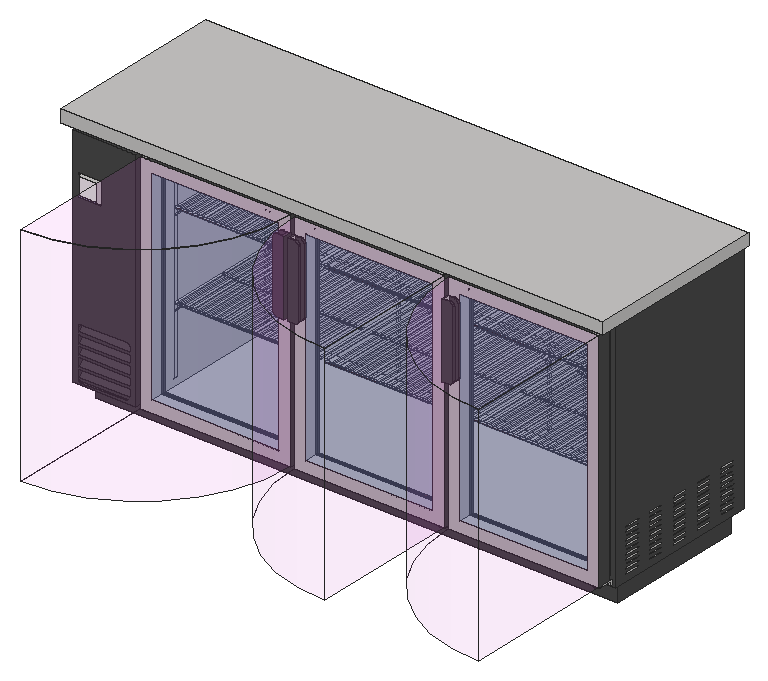
Revit family "QF_Kelvinator_738274_KCHBB72G_3-Glass_Door_Back_Bar_Refrigerator_Black_73_Long", category Specialty Equipment, Revit 2021
Family settings
  Round Connector Dimension = Use Diameter
  Part Type = Normal
  Work Plane-Based = No
  Always vertical = Yes
  Cut with Voids When Loaded = No
  Shared = No
  Room Calculation Point = No
Parameters
  Weight in Pounds = 328.489
  Watts = 300 W
  Volts = 115 V
  URL Cutsheet = ""
  Specification by User = ""
  Specification by Manufacturer = ""
  Serial Number = ""
  Seismic Rating = ""
  SMACNA No = ""
  Revision Code = ""
  Refrigerant Type = "R290"
  Phase = 1
  Number of Poles = 1
  NAFEM Spec ID Number = ""
  Model = "738274 (KCHBB72G)"
  Min Ckt Ampacity = 0 A
  Max Overcurrent Protection = 0 A
  Masterspec = ""
  Manufacturer = "Kelvinator Commercial"
  Length = 73.071"
  Item Number = "738274"
  Installed By = ""
  Identify Quantity as Lot = yes
  Height = 36.220"
  HP = "1/5"
  Furnished By = ""
  Foodservice Equipment Identifier = yes
  FL Amps = 3 A
  Electrical Remarks = ""
  Electric Connection Type = ""
  Elec Conn RI Height = 0.000"
  Elec Conn Connection Height = 0.000"
  Description = "3-Glass Door Back Bar Refrigerator Black 73\" Long"
  Depth = 24.409"
  Default Elevation = 0.000"
  Cycle = 60 Hz
  Conn Plug = "5-15P"
  Conn Conduit = yes
  CSI MasterFormat = ""
  Apparent Power = 0 VA
Reference planes (in)
  plane 1 "BACK": y = 0
  plane 2: z = 0
  plane 3 "LEFT": x = 0
  plane 4 "RIGHT": x = 73.071
  plane 5 "FRONT": y = -24.409
  plane 6 "TOP": z = 36.22
  plane 7 "Center Y": x = 36.5355
  plane 8 "Center X": y = -12.2045
Dimensions and locks (in)
  equal spacing: plane 3 "LEFT", plane 7 "Center Y", plane 4 "RIGHT"
  "Length": plane 3 "LEFT" to plane 4 "RIGHT"
  equal spacing: plane 5 "FRONT", plane 8 "Center X", plane 1 "BACK"
  "Depth": plane 5 "FRONT" to plane 1 "BACK"
  "Height": plane 6 "TOP" to level
  aligned and locked: level to plane 2
Nested families (in)
  nested 1: "KCHBB48S" at (0, 0, 0), type "KCHBB48S"
    with Show Clearance yes
Connectors (in)
  electrical at (36.53125, -0.715, 2.1875), driven by "Volts", driven by "Watts"
    settings: on nested 1, index 1, voltage 115 V, apparent load 300 VA, apparent load phase1 0 VA, apparent load phase2 0 VA, apparent load phase3 0 VA, power factor 1, load classification "Other", number of poles 1, system type 30, power factor state 1, is connector primary yes, connector utility no, sub classification motor no, connector description ""
Definition of nested family "KCHBB48S"
  Parameters (values of type "KCHBB48S")
    Weight in Pounds = 0
    URL Cutsheet = ""
    Specification by User = ""
    Specification by Manufacturer = ""
    Show Clearance [instance] = yes
    Serial Number = ""
    Seismic Rating = ""
    SMACNA No = ""
    Revision Code = ""
    NAFEM Spec ID Number = ""
    Masterspec = ""
    Length = 73.0625"
    Item Number = ""
    Installed By = ""
    Identify Quantity as Lot = yes
    Height = 36.1875"
    Furnished By = ""
    Foodservice Equipment Identifier = yes
    Depth = 24.4375"
    Default Elevation = 0.000"
    CSI MasterFormat = ""
  Reference planes (in)
    plane 1 "BACK": y = 0
    plane 2: z = 0
    plane 3 "LEFT": x = 0
    plane 4 "RIGHT": x = 73.0625
    plane 5 "FRONT": y = -24.4375
    plane 6 "TOP": z = 36.1875
    plane 7 "Center Y": x = 36.53125
    plane 8 "Center X": y = -12.21875
    plane 9: x = 72.46875
    plane 10: x = 0.59375
    plane 11: x = 71.96875
    plane 12: x = 51.76875
    plane 13: x = 30.46875
    plane 14: x = 10.26875
    plane 15: x = 9.68375
    plane 16: x = 1.18375
    plane 17: z = 2.6875
    plane 18: z = 34.5875
    plane 19: y = -40.8
    plane 20: y = -21.6
    plane 21: x = 1.34375
    plane 22: x = 71.71875
    plane 23: y = -1.34
    plane 24: y = -20.26
    plane 25: z = 33.8375
    plane 26: z = 3.4375
    plane 27: y = -22.1
    plane 28: x = 1.93375
    plane 29: x = 8.93375
    plane 30: x = 10.96025
    plane 31: x = 71.21025
    plane 32: x = 35.68125
    plane 33: x = 34.55625
    plane 34: x = 51.21875
    plane 35: x = 31.01875
  Forms (in)
    Extrusion 1, solid
      sketch origin (0.59375, -180, -2.6612) x (0, 0, -1) y (0, -1, 0)
        loop
          line (-5.3487, -180) -> (-5.3487, -158.4) -> (-37.2487, -158.4) -> (-37.2487, -180) -> (-5.3487, -180)
      from 0 to -71.875
    Extrusion 2, solid
      sketch origin (0, 0, 0) x (0, 1, 0) y (0, 0, 1)
        loop
          line (-24.4375, 36.1875) -> (-24.4375, 34.5875) -> (0, 34.5875) -> (0, 36.1875) -> (-24.4375, 36.1875)
      from 0 to 73.0625
    Extrusion 3, solid
      sketch origin (0, -1.34, 0) x (0, 0, -1) y (1, 0, 0)
        loop
          line (-2.6875, 1.34375) -> (0, 1.34375) -> (0, 71.71875) -> (-2.6875, 71.71875) -> (-2.6875, 1.34375)
      from 0 to 18.92
    Extrusion 4, solid
      sketch origin (0, -22.1, 34.5875) x (0, 0, 1) y (1, 0, 0)
        loop
          line (-0.75, 1.18375) -> (-0.75, 9.68375) -> (-31.15, 9.68375) -> (-31.15, 1.18375) -> (-0.75, 1.18375)
      from 0.5 to -1.75
    Extrusion 5, void
      sketch origin (1.93375, -180, 12.66737) x (0, 0, -1) y (0, -1, 0)
        loop
          line (8.97987, -157.025) -> (8.97987, -154.65) -> (1.85487, -154.65) -> (1.85487, -157.025) -> (2.10487, -157.025) -> (2.97987, -156.15) -> (3.22987, -156.15) -> (3.22987, -157.025) -> (3.47987, -157.025) -> (4.35487, -156.15) -> (4.60487, -156.15) -> (4.60487, -157.025) -> (4.85487, -157.025) -> (5.72987, -156.15) -> (5.97987, -156.15) -> (5.97987, -157.025) -> (6.22987, -157.025) -> (7.10487, -156.15) -> (7.35487, -156.15) -> (7.35487, -157.025) -> (7.60487, -157.025) -> (8.47987, -156.15) -> (8.72987, -156.15) -> (8.72987, -157.025) -> (8.97987, -157.025)
      from 0 to -7
    Extrusion 6, solid
      sketch origin (71.96875, -23.85, 3.4375) x (0, 0, 1) y (-1, 0, 0)
        loop
          line (7.375, 63.535) -> (7.375, 69.535)
          arc (7.375, 69.535) -> (7.22855, 69.88855) -> (6.875, 70.035) r 0.5
          line (6.875, 70.035) -> (0.75, 70.035)
          arc (0.75, 70.035) -> (0.39645, 69.88855) -> (0.25, 69.535) r 0.5
          line (0.25, 69.535) -> (0.25, 63.535)
          arc (0.25, 63.535) -> (0.39645, 63.18145) -> (0.75, 63.035) r 0.5
          line (0.75, 63.035) -> (6.875, 63.035)
          arc (6.875, 63.035) -> (7.22855, 63.18145) -> (7.375, 63.535) r 0.5
        loop
          line (7.625, 63.535) -> (7.625, 69.535)
          arc (7.625, 69.535) -> (7.40533, 70.06533) -> (6.875, 70.285) r 0.75
          line (6.875, 70.285) -> (0.75, 70.285)
          arc (0.75, 70.285) -> (0.21967, 70.06533) -> (0, 69.535) r 0.75
          line (0, 69.535) -> (0, 63.535)
          arc (0, 63.535) -> (0.21967, 63.00467) -> (0.75, 62.785) r 0.75
          line (0.75, 62.785) -> (6.875, 62.785)
          arc (6.875, 62.785) -> (7.40533, 63.00467) -> (7.625, 63.535) r 0.75
      from 0 to -0.875
    Blend 7, solid
      base sketch origin (71.96875, -23.85, 3.4375) x (0, 0, 1) y (-1, 0, 0)
        loop
          line (25.18493, 69.65025) -> (22.93493, 69.65025) -> (22.93493, 67.40025) -> (25.18493, 67.40025) -> (25.18493, 69.65025)
      top sketch origin (71.96875, -23.85, 3.4375) x (0, 0, 1) y (-1, 0, 0)
        loop
          line (25.56493, 70.03025) -> (22.55493, 70.03025) -> (22.55493, 67.02025) -> (25.56493, 67.02025) -> (25.56493, 70.03025)
      from 0.21643 to 0
    Extrusion 8, void
      sketch origin (0.59375, -180, -2.6612) x (0, 0, 1) y (0, -1, 0)
        loop
          arc (12.07129, -160.16063) -> (11.91504, -160.00438) -> (11.75879, -160.16063) r 0.15625
          line (11.75879, -160.16063) -> (11.75879, -162.09813)
          arc (11.75879, -162.09813) -> (11.91504, -162.25438) -> (12.07129, -162.09813) r 0.15625
          line (12.07129, -162.09813) -> (12.07129, -160.16063)
        loop
          arc (11.50879, -160.16063) -> (11.35254, -160.00438) -> (11.19629, -160.16063) r 0.15625
          line (11.19629, -160.16063) -> (11.19629, -162.09813)
          arc (11.19629, -162.09813) -> (11.35254, -162.25438) -> (11.50879, -162.09813) r 0.15625
          line (11.50879, -162.09813) -> (11.50879, -160.16063)
        loop
          arc (10.94629, -160.16063) -> (10.79004, -160.00438) -> (10.63379, -160.16063) r 0.15625
          line (10.63379, -160.16063) -> (10.63379, -162.09813)
          arc (10.63379, -162.09813) -> (10.79004, -162.25438) -> (10.94629, -162.09813) r 0.15625
          line (10.94629, -162.09813) -> (10.94629, -160.16063)
        loop
          arc (10.38379, -160.16063) -> (10.22754, -160.00438) -> (10.07129, -160.16063) r 0.15625
          line (10.07129, -160.16063) -> (10.07129, -162.09813)
          arc (10.07129, -162.09813) -> (10.22754, -162.25438) -> (10.38379, -162.09813) r 0.15625
          line (10.38379, -162.09813) -> (10.38379, -160.16063)
        loop
          arc (9.82129, -160.16063) -> (9.66504, -160.00438) -> (9.50879, -160.16063) r 0.15625
          line (9.50879, -160.16063) -> (9.50879, -162.09813)
          arc (9.50879, -162.09813) -> (9.66504, -162.25438) -> (9.82129, -162.09813) r 0.15625
          line (9.82129, -162.09813) -> (9.82129, -160.16063)
        loop
          arc (9.25879, -160.16063) -> (9.10254, -160.00438) -> (8.94629, -160.16063) r 0.15625
          line (8.94629, -160.16063) -> (8.94629, -162.09813)
          arc (8.94629, -162.09813) -> (9.10254, -162.25438) -> (9.25879, -162.09813) r 0.15625
          line (9.25879, -162.09813) -> (9.25879, -160.16063)
        loop
          arc (8.69629, -160.16063) -> (8.54004, -160.00438) -> (8.38379, -160.16063) r 0.15625
          line (8.38379, -160.16063) -> (8.38379, -162.09813)
          arc (8.38379, -162.09813) -> (8.54004, -162.25438) -> (8.69629, -162.09813) r 0.15625
          line (8.69629, -162.09813) -> (8.69629, -160.16063)
        loop
          arc (8.13379, -160.16063) -> (7.97754, -160.00438) -> (7.82129, -160.16063) r 0.15625
          line (7.82129, -160.16063) -> (7.82129, -162.09813)
          arc (7.82129, -162.09813) -> (7.97754, -162.25438) -> (8.13379, -162.09813) r 0.15625
          line (8.13379, -162.09813) -> (8.13379, -160.16063)
        loop
          arc (7.57129, -160.16063) -> (7.41504, -160.00438) -> (7.25879, -160.16063) r 0.15625
          line (7.25879, -160.16063) -> (7.25879, -162.09813)
          arc (7.25879, -162.09813) -> (7.41504, -162.25438) -> (7.57129, -162.09813) r 0.15625
          line (7.57129, -162.09813) -> (7.57129, -160.16063)
        loop
          arc (7.00879, -160.16063) -> (6.85254, -160.00438) -> (6.69629, -160.16063) r 0.15625
          line (6.69629, -160.16063) -> (6.69629, -162.09813)
          arc (6.69629, -162.09813) -> (6.85254, -162.25438) -> (7.00879, -162.09813) r 0.15625
          line (7.00879, -162.09813) -> (7.00879, -160.16063)
        loop
          arc (6.44629, -160.16063) -> (6.29004, -160.00438) -> (6.13379, -160.16063) r 0.15625
          line (6.13379, -160.16063) -> (6.13379, -162.09813)
          arc (6.13379, -162.09813) -> (6.29004, -162.25438) -> (6.44629, -162.09813) r 0.15625
          line (6.44629, -162.09813) -> (6.44629, -160.16063)
        loop
          arc (12.07129, -164.16063) -> (11.91504, -164.00438) -> (11.75879, -164.16063) r 0.15625
          line (11.75879, -164.16063) -> (11.75879, -166.09813)
          arc (11.75879, -166.09813) -> (11.91504, -166.25438) -> (12.07129, -166.09813) r 0.15625
          line (12.07129, -166.09813) -> (12.07129, -164.16063)
        loop
          arc (11.50879, -164.16063) -> (11.35254, -164.00438) -> (11.19629, -164.16063) r 0.15625
          line (11.19629, -164.16063) -> (11.19629, -166.09813)
          arc (11.19629, -166.09813) -> (11.35254, -166.25438) -> (11.50879, -166.09813) r 0.15625
          line (11.50879, -166.09813) -> (11.50879, -164.16063)
        loop
          arc (10.94629, -164.16063) -> (10.79004, -164.00438) -> (10.63379, -164.16063) r 0.15625
          line (10.63379, -164.16063) -> (10.63379, -166.09813)
          arc (10.63379, -166.09813) -> (10.79004, -166.25438) -> (10.94629, -166.09813) r 0.15625
          line (10.94629, -166.09813) -> (10.94629, -164.16063)
        loop
          arc (10.38379, -164.16063) -> (10.22754, -164.00438) -> (10.07129, -164.16063) r 0.15625
          line (10.07129, -164.16063) -> (10.07129, -166.09813)
          arc (10.07129, -166.09813) -> (10.22754, -166.25438) -> (10.38379, -166.09813) r 0.15625
          line (10.38379, -166.09813) -> (10.38379, -164.16063)
        loop
          arc (9.82129, -164.16063) -> (9.66504, -164.00438) -> (9.50879, -164.16063) r 0.15625
          line (9.50879, -164.16063) -> (9.50879, -166.09813)
          arc (9.50879, -166.09813) -> (9.66504, -166.25438) -> (9.82129, -166.09813) r 0.15625
          line (9.82129, -166.09813) -> (9.82129, -164.16063)
        loop
          arc (9.25879, -164.16063) -> (9.10254, -164.00438) -> (8.94629, -164.16063) r 0.15625
          line (8.94629, -164.16063) -> (8.94629, -166.09813)
          arc (8.94629, -166.09813) -> (9.10254, -166.25438) -> (9.25879, -166.09813) r 0.15625
          line (9.25879, -166.09813) -> (9.25879, -164.16063)
        loop
          arc (8.69629, -164.16063) -> (8.54004, -164.00438) -> (8.38379, -164.16063) r 0.15625
          line (8.38379, -164.16063) -> (8.38379, -166.09813)
          arc (8.38379, -166.09813) -> (8.54004, -166.25438) -> (8.69629, -166.09813) r 0.15625
          line (8.69629, -166.09813) -> (8.69629, -164.16063)
        loop
          arc (8.13379, -164.16063) -> (7.97754, -164.00438) -> (7.82129, -164.16063) r 0.15625
          line (7.82129, -164.16063) -> (7.82129, -166.09813)
          arc (7.82129, -166.09813) -> (7.97754, -166.25438) -> (8.13379, -166.09813) r 0.15625
          line (8.13379, -166.09813) -> (8.13379, -164.16063)
        loop
          arc (7.57129, -164.16063) -> (7.41504, -164.00438) -> (7.25879, -164.16063) r 0.15625
          line (7.25879, -164.16063) -> (7.25879, -166.09813)
          arc (7.25879, -166.09813) -> (7.41504, -166.25438) -> (7.57129, -166.09813) r 0.15625
          line (7.57129, -166.09813) -> (7.57129, -164.16063)
        loop
          arc (7.00879, -164.16063) -> (6.85254, -164.00438) -> (6.69629, -164.16063) r 0.15625
          line (6.69629, -164.16063) -> (6.69629, -166.09813)
          arc (6.69629, -166.09813) -> (6.85254, -166.25438) -> (7.00879, -166.09813) r 0.15625
          line (7.00879, -166.09813) -> (7.00879, -164.16063)
        loop
          arc (6.44629, -164.16063) -> (6.29004, -164.00438) -> (6.13379, -164.16063) r 0.15625
          line (6.13379, -164.16063) -> (6.13379, -166.09813)
          arc (6.13379, -166.09813) -> (6.29004, -166.25438) -> (6.44629, -166.09813) r 0.15625
          line (6.44629, -166.09813) -> (6.44629, -164.16063)
        loop
          arc (12.07129, -168.16063) -> (11.91504, -168.00438) -> (11.75879, -168.16063) r 0.15625
          line (11.75879, -168.16063) -> (11.75879, -170.09813)
          arc (11.75879, -170.09813) -> (11.91504, -170.25438) -> (12.07129, -170.09813) r 0.15625
          line (12.07129, -170.09813) -> (12.07129, -168.16063)
        loop
          arc (11.50879, -168.16063) -> (11.35254, -168.00438) -> (11.19629, -168.16063) r 0.15625
          line (11.19629, -168.16063) -> (11.19629, -170.09813)
          arc (11.19629, -170.09813) -> (11.35254, -170.25438) -> (11.50879, -170.09813) r 0.15625
          line (11.50879, -170.09813) -> (11.50879, -168.16063)
        loop
          arc (10.94629, -168.16063) -> (10.79004, -168.00438) -> (10.63379, -168.16063) r 0.15625
          line (10.63379, -168.16063) -> (10.63379, -170.09813)
          arc (10.63379, -170.09813) -> (10.79004, -170.25438) -> (10.94629, -170.09813) r 0.15625
          line (10.94629, -170.09813) -> (10.94629, -168.16063)
        loop
          arc (10.38379, -168.16063) -> (10.22754, -168.00438) -> (10.07129, -168.16063) r 0.15625
          line (10.07129, -168.16063) -> (10.07129, -170.09813)
          arc (10.07129, -170.09813) -> (10.22754, -170.25438) -> (10.38379, -170.09813) r 0.15625
          line (10.38379, -170.09813) -> (10.38379, -168.16063)
        loop
          arc (9.82129, -168.16063) -> (9.66504, -168.00438) -> (9.50879, -168.16063) r 0.15625
          line (9.50879, -168.16063) -> (9.50879, -170.09813)
          arc (9.50879, -170.09813) -> (9.66504, -170.25438) -> (9.82129, -170.09813) r 0.15625
          line (9.82129, -170.09813) -> (9.82129, -168.16063)
        loop
          arc (9.25879, -168.16063) -> (9.10254, -168.00438) -> (8.94629, -168.16063) r 0.15625
          line (8.94629, -168.16063) -> (8.94629, -170.09813)
          arc (8.94629, -170.09813) -> (9.10254, -170.25438) -> (9.25879, -170.09813) r 0.15625
          line (9.25879, -170.09813) -> (9.25879, -168.16063)
        loop
          arc (8.69629, -168.16063) -> (8.54004, -168.00438) -> (8.38379, -168.16063) r 0.15625
          line (8.38379, -168.16063) -> (8.38379, -170.09813)
          arc (8.38379, -170.09813) -> (8.54004, -170.25438) -> (8.69629, -170.09813) r 0.15625
          line (8.69629, -170.09813) -> (8.69629, -168.16063)
        loop
          arc (8.13379, -168.16063) -> (7.97754, -168.00438) -> (7.82129, -168.16063) r 0.15625
          line (7.82129, -168.16063) -> (7.82129, -170.09813)
          arc (7.82129, -170.09813) -> (7.97754, -170.25438) -> (8.13379, -170.09813) r 0.15625
          line (8.13379, -170.09813) -> (8.13379, -168.16063)
        loop
          arc (7.57129, -168.16063) -> (7.41504, -168.00438) -> (7.25879, -168.16063) r 0.15625
          line (7.25879, -168.16063) -> (7.25879, -170.09813)
          arc (7.25879, -170.09813) -> (7.41504, -170.25438) -> (7.57129, -170.09813) r 0.15625
          line (7.57129, -170.09813) -> (7.57129, -168.16063)
        loop
          arc (7.00879, -168.16063) -> (6.85254, -168.00438) -> (6.69629, -168.16063) r 0.15625
          line (6.69629, -168.16063) -> (6.69629, -170.09813)
          arc (6.69629, -170.09813) -> (6.85254, -170.25438) -> (7.00879, -170.09813) r 0.15625
          line (7.00879, -170.09813) -> (7.00879, -168.16063)
        loop
          arc (6.44629, -168.16063) -> (6.29004, -168.00438) -> (6.13379, -168.16063) r 0.15625
          line (6.13379, -168.16063) -> (6.13379, -170.09813)
          arc (6.13379, -170.09813) -> (6.29004, -170.25438) -> (6.44629, -170.09813) r 0.15625
          line (6.44629, -170.09813) -> (6.44629, -168.16063)
        loop
          arc (12.07129, -172.16063) -> (11.91504, -172.00438) -> (11.75879, -172.16063) r 0.15625
          line (11.75879, -172.16063) -> (11.75879, -174.09813)
          arc (11.75879, -174.09813) -> (11.91504, -174.25438) -> (12.07129, -174.09813) r 0.15625
          line (12.07129, -174.09813) -> (12.07129, -172.16063)
        loop
          arc (11.50879, -172.16063) -> (11.35254, -172.00438) -> (11.19629, -172.16063) r 0.15625
          line (11.19629, -172.16063) -> (11.19629, -174.09813)
          arc (11.19629, -174.09813) -> (11.35254, -174.25438) -> (11.50879, -174.09813) r 0.15625
          line (11.50879, -174.09813) -> (11.50879, -172.16063)
        loop
          arc (10.94629, -172.16063) -> (10.79004, -172.00438) -> (10.63379, -172.16063) r 0.15625
          line (10.63379, -172.16063) -> (10.63379, -174.09813)
          arc (10.63379, -174.09813) -> (10.79004, -174.25438) -> (10.94629, -174.09813) r 0.15625
          line (10.94629, -174.09813) -> (10.94629, -172.16063)
        loop
          arc (10.38379, -172.16063) -> (10.22754, -172.00438) -> (10.07129, -172.16063) r 0.15625
          line (10.07129, -172.16063) -> (10.07129, -174.09813)
          arc (10.07129, -174.09813) -> (10.22754, -174.25438) -> (10.38379, -174.09813) r 0.15625
          line (10.38379, -174.09813) -> (10.38379, -172.16063)
        loop
          arc (9.82129, -172.16063) -> (9.66504, -172.00438) -> (9.50879, -172.16063) r 0.15625
          line (9.50879, -172.16063) -> (9.50879, -174.09813)
          arc (9.50879, -174.09813) -> (9.66504, -174.25438) -> (9.82129, -174.09813) r 0.15625
          line (9.82129, -174.09813) -> (9.82129, -172.16063)
        loop
          arc (9.25879, -172.16063) -> (9.10254, -172.00438) -> (8.94629, -172.16063) r 0.15625
          line (8.94629, -172.16063) -> (8.94629, -174.09813)
          arc (8.94629, -174.09813) -> (9.10254, -174.25438) -> (9.25879, -174.09813) r 0.15625
          line (9.25879, -174.09813) -> (9.25879, -172.16063)
        loop
          arc (8.69629, -172.16063) -> (8.54004, -172.00438) -> (8.38379, -172.16063) r 0.15625
          line (8.38379, -172.16063) -> (8.38379, -174.09813)
          arc (8.38379, -174.09813) -> (8.54004, -174.25438) -> (8.69629, -174.09813) r 0.15625
          line (8.69629, -174.09813) -> (8.69629, -172.16063)
        loop
          arc (8.13379, -172.16063) -> (7.97754, -172.00438) -> (7.82129, -172.16063) r 0.15625
          line (7.82129, -172.16063) -> (7.82129, -174.09813)
          arc (7.82129, -174.09813) -> (7.97754, -174.25438) -> (8.13379, -174.09813) r 0.15625
          line (8.13379, -174.09813) -> (8.13379, -172.16063)
        loop
          arc (7.57129, -172.16063) -> (7.41504, -172.00438) -> (7.25879, -172.16063) r 0.15625
          line (7.25879, -172.16063) -> (7.25879, -174.09813)
          arc (7.25879, -174.09813) -> (7.41504, -174.25438) -> (7.57129, -174.09813) r 0.15625
          line (7.57129, -174.09813) -> (7.57129, -172.16063)
        loop
          arc (7.00879, -172.16063) -> (6.85254, -172.00438) -> (6.69629, -172.16063) r 0.15625
          line (6.69629, -172.16063) -> (6.69629, -174.09813)
          arc (6.69629, -174.09813) -> (6.85254, -174.25438) -> (7.00879, -174.09813) r 0.15625
          line (7.00879, -174.09813) -> (7.00879, -172.16063)
        loop
          arc (6.44629, -172.16063) -> (6.29004, -172.00438) -> (6.13379, -172.16063) r 0.15625
          line (6.13379, -172.16063) -> (6.13379, -174.09813)
          arc (6.13379, -174.09813) -> (6.29004, -174.25438) -> (6.44629, -174.09813) r 0.15625
          line (6.44629, -174.09813) -> (6.44629, -172.16063)
        loop
          arc (12.07129, -176.16063) -> (11.91504, -176.00438) -> (11.75879, -176.16063) r 0.15625
          line (11.75879, -176.16063) -> (11.75879, -178.09813)
          arc (11.75879, -178.09813) -> (11.91504, -178.25438) -> (12.07129, -178.09813) r 0.15625
          line (12.07129, -178.09813) -> (12.07129, -176.16063)
        loop
          arc (11.50879, -176.16063) -> (11.35254, -176.00438) -> (11.19629, -176.16063) r 0.15625
          line (11.19629, -176.16063) -> (11.19629, -178.09813)
          arc (11.19629, -178.09813) -> (11.35254, -178.25438) -> (11.50879, -178.09813) r 0.15625
          line (11.50879, -178.09813) -> (11.50879, -176.16063)
        loop
          arc (10.94629, -176.16063) -> (10.79004, -176.00438) -> (10.63379, -176.16063) r 0.15625
          line (10.63379, -176.16063) -> (10.63379, -178.09813)
          arc (10.63379, -178.09813) -> (10.79004, -178.25438) -> (10.94629, -178.09813) r 0.15625
          line (10.94629, -178.09813) -> (10.94629, -176.16063)
        loop
          arc (10.38379, -176.16063) -> (10.22754, -176.00438) -> (10.07129, -176.16063) r 0.15625
          line (10.07129, -176.16063) -> (10.07129, -178.09813)
          arc (10.07129, -178.09813) -> (10.22754, -178.25438) -> (10.38379, -178.09813) r 0.15625
          line (10.38379, -178.09813) -> (10.38379, -176.16063)
        loop
          arc (9.82129, -176.16063) -> (9.66504, -176.00438) -> (9.50879, -176.16063) r 0.15625
          line (9.50879, -176.16063) -> (9.50879, -178.09813)
          arc (9.50879, -178.09813) -> (9.66504, -178.25438) -> (9.82129, -178.09813) r 0.15625
          line (9.82129, -178.09813) -> (9.82129, -176.16063)
        loop
          arc (9.25879, -176.16063) -> (9.10254, -176.00438) -> (8.94629, -176.16063) r 0.15625
          line (8.94629, -176.16063) -> (8.94629, -178.09813)
          arc (8.94629, -178.09813) -> (9.10254, -178.25438) -> (9.25879, -178.09813) r 0.15625
          line (9.25879, -178.09813) -> (9.25879, -176.16063)
        loop
          arc (8.69629, -176.16063) -> (8.54004, -176.00438) -> (8.38379, -176.16063) r 0.15625
          line (8.38379, -176.16063) -> (8.38379, -178.09813)
          arc (8.38379, -178.09813) -> (8.54004, -178.25438) -> (8.69629, -178.09813) r 0.15625
          line (8.69629, -178.09813) -> (8.69629, -176.16063)
        loop
          arc (8.13379, -176.16063) -> (7.97754, -176.00438) -> (7.82129, -176.16063) r 0.15625
          line (7.82129, -176.16063) -> (7.82129, -178.09813)
          arc (7.82129, -178.09813) -> (7.97754, -178.25438) -> (8.13379, -178.09813) r 0.15625
          line (8.13379, -178.09813) -> (8.13379, -176.16063)
        loop
          arc (7.57129, -176.16063) -> (7.41504, -176.00438) -> (7.25879, -176.16063) r 0.15625
          line (7.25879, -176.16063) -> (7.25879, -178.09813)
          arc (7.25879, -178.09813) -> (7.41504, -178.25438) -> (7.57129, -178.09813) r 0.15625
          line (7.57129, -178.09813) -> (7.57129, -176.16063)
        loop
          arc (7.00879, -176.16063) -> (6.85254, -176.00438) -> (6.69629, -176.16063) r 0.15625
          line (6.69629, -176.16063) -> (6.69629, -178.09813)
          arc (6.69629, -178.09813) -> (6.85254, -178.25438) -> (7.00879, -178.09813) r 0.15625
          line (7.00879, -178.09813) -> (7.00879, -176.16063)
        loop
          arc (6.44629, -176.16063) -> (6.29004, -176.00438) -> (6.13379, -176.16063) r 0.15625
          line (6.13379, -176.16063) -> (6.13379, -178.09813)
          arc (6.13379, -178.09813) -> (6.29004, -178.25438) -> (6.44629, -178.09813) r 0.15625
          line (6.44629, -178.09813) -> (6.44629, -176.16063)
      from 0 to 0.03
    Extrusion 9, void
      sketch origin (72.46875, -180, -2.6612) x (0, 0, -1) y (0, -1, 0)
        loop
          line (-12.07129, -160.16063) -> (-12.07129, -162.09813)
          arc (-12.07129, -162.09813) -> (-11.91504, -162.25438) -> (-11.75879, -162.09813) r 0.15625
          line (-11.75879, -162.09813) -> (-11.75879, -160.16063)
          arc (-11.75879, -160.16063) -> (-11.91504, -160.00438) -> (-12.07129, -160.16063) r 0.15625
        loop
          line (-11.50879, -160.16063) -> (-11.50879, -162.09813)
          arc (-11.50879, -162.09813) -> (-11.35254, -162.25438) -> (-11.19629, -162.09813) r 0.15625
          line (-11.19629, -162.09813) -> (-11.19629, -160.16063)
          arc (-11.19629, -160.16063) -> (-11.35254, -160.00438) -> (-11.50879, -160.16063) r 0.15625
        loop
          line (-10.94629, -160.16063) -> (-10.94629, -162.09813)
          arc (-10.94629, -162.09813) -> (-10.79004, -162.25438) -> (-10.63379, -162.09813) r 0.15625
          line (-10.63379, -162.09813) -> (-10.63379, -160.16063)
          arc (-10.63379, -160.16063) -> (-10.79004, -160.00438) -> (-10.94629, -160.16063) r 0.15625
        loop
          line (-10.38379, -160.16063) -> (-10.38379, -162.09813)
          arc (-10.38379, -162.09813) -> (-10.22754, -162.25438) -> (-10.07129, -162.09813) r 0.15625
          line (-10.07129, -162.09813) -> (-10.07129, -160.16063)
          arc (-10.07129, -160.16063) -> (-10.22754, -160.00438) -> (-10.38379, -160.16063) r 0.15625
        loop
          line (-9.82129, -160.16063) -> (-9.82129, -162.09813)
          arc (-9.82129, -162.09813) -> (-9.66504, -162.25438) -> (-9.50879, -162.09813) r 0.15625
          line (-9.50879, -162.09813) -> (-9.50879, -160.16063)
          arc (-9.50879, -160.16063) -> (-9.66504, -160.00438) -> (-9.82129, -160.16063) r 0.15625
        loop
          line (-9.25879, -160.16063) -> (-9.25879, -162.09813)
          arc (-9.25879, -162.09813) -> (-9.10254, -162.25438) -> (-8.94629, -162.09813) r 0.15625
          line (-8.94629, -162.09813) -> (-8.94629, -160.16063)
          arc (-8.94629, -160.16063) -> (-9.10254, -160.00438) -> (-9.25879, -160.16063) r 0.15625
        loop
          line (-8.69629, -160.16063) -> (-8.69629, -162.09813)
          arc (-8.69629, -162.09813) -> (-8.54004, -162.25438) -> (-8.38379, -162.09813) r 0.15625
          line (-8.38379, -162.09813) -> (-8.38379, -160.16063)
          arc (-8.38379, -160.16063) -> (-8.54004, -160.00438) -> (-8.69629, -160.16063) r 0.15625
        loop
          line (-8.13379, -160.16063) -> (-8.13379, -162.09813)
          arc (-8.13379, -162.09813) -> (-7.97754, -162.25438) -> (-7.82129, -162.09813) r 0.15625
          line (-7.82129, -162.09813) -> (-7.82129, -160.16063)
          arc (-7.82129, -160.16063) -> (-7.97754, -160.00438) -> (-8.13379, -160.16063) r 0.15625
        loop
          line (-7.57129, -160.16063) -> (-7.57129, -162.09813)
          arc (-7.57129, -162.09813) -> (-7.41504, -162.25438) -> (-7.25879, -162.09813) r 0.15625
          line (-7.25879, -162.09813) -> (-7.25879, -160.16063)
          arc (-7.25879, -160.16063) -> (-7.41504, -160.00438) -> (-7.57129, -160.16063) r 0.15625
        loop
          line (-7.00879, -160.16063) -> (-7.00879, -162.09813)
          arc (-7.00879, -162.09813) -> (-6.85254, -162.25438) -> (-6.69629, -162.09813) r 0.15625
          line (-6.69629, -162.09813) -> (-6.69629, -160.16063)
          arc (-6.69629, -160.16063) -> (-6.85254, -160.00438) -> (-7.00879, -160.16063) r 0.15625
        loop
          line (-6.44629, -160.16063) -> (-6.44629, -162.09813)
          arc (-6.44629, -162.09813) -> (-6.29004, -162.25438) -> (-6.13379, -162.09813) r 0.15625
          line (-6.13379, -162.09813) -> (-6.13379, -160.16063)
          arc (-6.13379, -160.16063) -> (-6.29004, -160.00438) -> (-6.44629, -160.16063) r 0.15625
        loop
          line (-12.07129, -164.16063) -> (-12.07129, -166.09813)
          arc (-12.07129, -166.09813) -> (-11.91504, -166.25438) -> (-11.75879, -166.09813) r 0.15625
          line (-11.75879, -166.09813) -> (-11.75879, -164.16063)
          arc (-11.75879, -164.16063) -> (-11.91504, -164.00438) -> (-12.07129, -164.16063) r 0.15625
        loop
          line (-11.50879, -164.16063) -> (-11.50879, -166.09813)
          arc (-11.50879, -166.09813) -> (-11.35254, -166.25438) -> (-11.19629, -166.09813) r 0.15625
          line (-11.19629, -166.09813) -> (-11.19629, -164.16063)
          arc (-11.19629, -164.16063) -> (-11.35254, -164.00438) -> (-11.50879, -164.16063) r 0.15625
        loop
          line (-10.94629, -164.16063) -> (-10.94629, -166.09813)
          arc (-10.94629, -166.09813) -> (-10.79004, -166.25438) -> (-10.63379, -166.09813) r 0.15625
          line (-10.63379, -166.09813) -> (-10.63379, -164.16063)
          arc (-10.63379, -164.16063) -> (-10.79004, -164.00438) -> (-10.94629, -164.16063) r 0.15625
        loop
          line (-10.38379, -164.16063) -> (-10.38379, -166.09813)
          arc (-10.38379, -166.09813) -> (-10.22754, -166.25438) -> (-10.07129, -166.09813) r 0.15625
          line (-10.07129, -166.09813) -> (-10.07129, -164.16063)
          arc (-10.07129, -164.16063) -> (-10.22754, -164.00438) -> (-10.38379, -164.16063) r 0.15625
        loop
          line (-9.82129, -164.16063) -> (-9.82129, -166.09813)
          arc (-9.82129, -166.09813) -> (-9.66504, -166.25438) -> (-9.50879, -166.09813) r 0.15625
          line (-9.50879, -166.09813) -> (-9.50879, -164.16063)
          arc (-9.50879, -164.16063) -> (-9.66504, -164.00438) -> (-9.82129, -164.16063) r 0.15625
        loop
          line (-9.25879, -164.16063) -> (-9.25879, -166.09813)
          arc (-9.25879, -166.09813) -> (-9.10254, -166.25438) -> (-8.94629, -166.09813) r 0.15625
          line (-8.94629, -166.09813) -> (-8.94629, -164.16063)
          arc (-8.94629, -164.16063) -> (-9.10254, -164.00438) -> (-9.25879, -164.16063) r 0.15625
        loop
          line (-8.69629, -164.16063) -> (-8.69629, -166.09813)
          arc (-8.69629, -166.09813) -> (-8.54004, -166.25438) -> (-8.38379, -166.09813) r 0.15625
          line (-8.38379, -166.09813) -> (-8.38379, -164.16063)
          arc (-8.38379, -164.16063) -> (-8.54004, -164.00438) -> (-8.69629, -164.16063) r 0.15625
        loop
          line (-8.13379, -164.16063) -> (-8.13379, -166.09813)
          arc (-8.13379, -166.09813) -> (-7.97754, -166.25438) -> (-7.82129, -166.09813) r 0.15625
          line (-7.82129, -166.09813) -> (-7.82129, -164.16063)
          arc (-7.82129, -164.16063) -> (-7.97754, -164.00438) -> (-8.13379, -164.16063) r 0.15625
        loop
          line (-7.57129, -164.16063) -> (-7.57129, -166.09813)
          arc (-7.57129, -166.09813) -> (-7.41504, -166.25438) -> (-7.25879, -166.09813) r 0.15625
          line (-7.25879, -166.09813) -> (-7.25879, -164.16063)
          arc (-7.25879, -164.16063) -> (-7.41504, -164.00438) -> (-7.57129, -164.16063) r 0.15625
        loop
          line (-7.00879, -164.16063) -> (-7.00879, -166.09813)
          arc (-7.00879, -166.09813) -> (-6.85254, -166.25438) -> (-6.69629, -166.09813) r 0.15625
          line (-6.69629, -166.09813) -> (-6.69629, -164.16063)
          arc (-6.69629, -164.16063) -> (-6.85254, -164.00438) -> (-7.00879, -164.16063) r 0.15625
        loop
          line (-6.44629, -164.16063) -> (-6.44629, -166.09813)
          arc (-6.44629, -166.09813) -> (-6.29004, -166.25438) -> (-6.13379, -166.09813) r 0.15625
          line (-6.13379, -166.09813) -> (-6.13379, -164.16063)
          arc (-6.13379, -164.16063) -> (-6.29004, -164.00438) -> (-6.44629, -164.16063) r 0.15625
        loop
          line (-12.07129, -168.16063) -> (-12.07129, -170.09813)
          arc (-12.07129, -170.09813) -> (-11.91504, -170.25438) -> (-11.75879, -170.09813) r 0.15625
          line (-11.75879, -170.09813) -> (-11.75879, -168.16063)
          arc (-11.75879, -168.16063) -> (-11.91504, -168.00438) -> (-12.07129, -168.16063) r 0.15625
        loop
          line (-11.50879, -168.16063) -> (-11.50879, -170.09813)
          arc (-11.50879, -170.09813) -> (-11.35254, -170.25438) -> (-11.19629, -170.09813) r 0.15625
          line (-11.19629, -170.09813) -> (-11.19629, -168.16063)
          arc (-11.19629, -168.16063) -> (-11.35254, -168.00438) -> (-11.50879, -168.16063) r 0.15625
        loop
          line (-10.94629, -168.16063) -> (-10.94629, -170.09813)
          arc (-10.94629, -170.09813) -> (-10.79004, -170.25438) -> (-10.63379, -170.09813) r 0.15625
          line (-10.63379, -170.09813) -> (-10.63379, -168.16063)
          arc (-10.63379, -168.16063) -> (-10.79004, -168.00438) -> (-10.94629, -168.16063) r 0.15625
        loop
          line (-10.38379, -168.16063) -> (-10.38379, -170.09813)
          arc (-10.38379, -170.09813) -> (-10.22754, -170.25438) -> (-10.07129, -170.09813) r 0.15625
          line (-10.07129, -170.09813) -> (-10.07129, -168.16063)
          arc (-10.07129, -168.16063) -> (-10.22754, -168.00438) -> (-10.38379, -168.16063) r 0.15625
        loop
          line (-9.82129, -168.16063) -> (-9.82129, -170.09813)
          arc (-9.82129, -170.09813) -> (-9.66504, -170.25438) -> (-9.50879, -170.09813) r 0.15625
          line (-9.50879, -170.09813) -> (-9.50879, -168.16063)
          arc (-9.50879, -168.16063) -> (-9.66504, -168.00438) -> (-9.82129, -168.16063) r 0.15625
        loop
          line (-9.25879, -168.16063) -> (-9.25879, -170.09813)
          arc (-9.25879, -170.09813) -> (-9.10254, -170.25438) -> (-8.94629, -170.09813) r 0.15625
          line (-8.94629, -170.09813) -> (-8.94629, -168.16063)
          arc (-8.94629, -168.16063) -> (-9.10254, -168.00438) -> (-9.25879, -168.16063) r 0.15625
        loop
          line (-8.69629, -168.16063) -> (-8.69629, -170.09813)
          arc (-8.69629, -170.09813) -> (-8.54004, -170.25438) -> (-8.38379, -170.09813) r 0.15625
          line (-8.38379, -170.09813) -> (-8.38379, -168.16063)
          arc (-8.38379, -168.16063) -> (-8.54004, -168.00438) -> (-8.69629, -168.16063) r 0.15625
        loop
          line (-8.13379, -168.16063) -> (-8.13379, -170.09813)
          arc (-8.13379, -170.09813) -> (-7.97754, -170.25438) -> (-7.82129, -170.09813) r 0.15625
          line (-7.82129, -170.09813) -> (-7.82129, -168.16063)
          arc (-7.82129, -168.16063) -> (-7.97754, -168.00438) -> (-8.13379, -168.16063) r 0.15625
        loop
          line (-7.57129, -168.16063) -> (-7.57129, -170.09813)
          arc (-7.57129, -170.09813) -> (-7.41504, -170.25438) -> (-7.25879, -170.09813) r 0.15625
          line (-7.25879, -170.09813) -> (-7.25879, -168.16063)
          arc (-7.25879, -168.16063) -> (-7.41504, -168.00438) -> (-7.57129, -168.16063) r 0.15625
        loop
          line (-7.00879, -168.16063) -> (-7.00879, -170.09813)
          arc (-7.00879, -170.09813) -> (-6.85254, -170.25438) -> (-6.69629, -170.09813) r 0.15625
          line (-6.69629, -170.09813) -> (-6.69629, -168.16063)
          arc (-6.69629, -168.16063) -> (-6.85254, -168.00438) -> (-7.00879, -168.16063) r 0.15625
        loop
          line (-6.44629, -168.16063) -> (-6.44629, -170.09813)
          arc (-6.44629, -170.09813) -> (-6.29004, -170.25438) -> (-6.13379, -170.09813) r 0.15625
          line (-6.13379, -170.09813) -> (-6.13379, -168.16063)
          arc (-6.13379, -168.16063) -> (-6.29004, -168.00438) -> (-6.44629, -168.16063) r 0.15625
        loop
          line (-12.07129, -172.16063) -> (-12.07129, -174.09813)
          arc (-12.07129, -174.09813) -> (-11.91504, -174.25438) -> (-11.75879, -174.09813) r 0.15625
          line (-11.75879, -174.09813) -> (-11.75879, -172.16063)
          arc (-11.75879, -172.16063) -> (-11.91504, -172.00438) -> (-12.07129, -172.16063) r 0.15625
        loop
          line (-11.50879, -172.16063) -> (-11.50879, -174.09813)
          arc (-11.50879, -174.09813) -> (-11.35254, -174.25438) -> (-11.19629, -174.09813) r 0.15625
          line (-11.19629, -174.09813) -> (-11.19629, -172.16063)
          arc (-11.19629, -172.16063) -> (-11.35254, -172.00438) -> (-11.50879, -172.16063) r 0.15625
        loop
          line (-10.94629, -172.16063) -> (-10.94629, -174.09813)
          arc (-10.94629, -174.09813) -> (-10.79004, -174.25438) -> (-10.63379, -174.09813) r 0.15625
          line (-10.63379, -174.09813) -> (-10.63379, -172.16063)
          arc (-10.63379, -172.16063) -> (-10.79004, -172.00438) -> (-10.94629, -172.16063) r 0.15625
        loop
          line (-10.38379, -172.16063) -> (-10.38379, -174.09813)
          arc (-10.38379, -174.09813) -> (-10.22754, -174.25438) -> (-10.07129, -174.09813) r 0.15625
          line (-10.07129, -174.09813) -> (-10.07129, -172.16063)
          arc (-10.07129, -172.16063) -> (-10.22754, -172.00438) -> (-10.38379, -172.16063) r 0.15625
        loop
          line (-9.82129, -172.16063) -> (-9.82129, -174.09813)
          arc (-9.82129, -174.09813) -> (-9.66504, -174.25438) -> (-9.50879, -174.09813) r 0.15625
          line (-9.50879, -174.09813) -> (-9.50879, -172.16063)
          arc (-9.50879, -172.16063) -> (-9.66504, -172.00438) -> (-9.82129, -172.16063) r 0.15625
        loop
          line (-9.25879, -172.16063) -> (-9.25879, -174.09813)
          arc (-9.25879, -174.09813) -> (-9.10254, -174.25438) -> (-8.94629, -174.09813) r 0.15625
          line (-8.94629, -174.09813) -> (-8.94629, -172.16063)
          arc (-8.94629, -172.16063) -> (-9.10254, -172.00438) -> (-9.25879, -172.16063) r 0.15625
        loop
          line (-8.69629, -172.16063) -> (-8.69629, -174.09813)
          arc (-8.69629, -174.09813) -> (-8.54004, -174.25438) -> (-8.38379, -174.09813) r 0.15625
          line (-8.38379, -174.09813) -> (-8.38379, -172.16063)
          arc (-8.38379, -172.16063) -> (-8.54004, -172.00438) -> (-8.69629, -172.16063) r 0.15625
        loop
          line (-8.13379, -172.16063) -> (-8.13379, -174.09813)
          arc (-8.13379, -174.09813) -> (-7.97754, -174.25438) -> (-7.82129, -174.09813) r 0.15625
          line (-7.82129, -174.09813) -> (-7.82129, -172.16063)
          arc (-7.82129, -172.16063) -> (-7.97754, -172.00438) -> (-8.13379, -172.16063) r 0.15625
        loop
          line (-7.57129, -172.16063) -> (-7.57129, -174.09813)
          arc (-7.57129, -174.09813) -> (-7.41504, -174.25438) -> (-7.25879, -174.09813) r 0.15625
          line (-7.25879, -174.09813) -> (-7.25879, -172.16063)
          arc (-7.25879, -172.16063) -> (-7.41504, -172.00438) -> (-7.57129, -172.16063) r 0.15625
        loop
          line (-7.00879, -172.16063) -> (-7.00879, -174.09813)
          arc (-7.00879, -174.09813) -> (-6.85254, -174.25438) -> (-6.69629, -174.09813) r 0.15625
          line (-6.69629, -174.09813) -> (-6.69629, -172.16063)
          arc (-6.69629, -172.16063) -> (-6.85254, -172.00438) -> (-7.00879, -172.16063) r 0.15625
        loop
          line (-6.44629, -172.16063) -> (-6.44629, -174.09813)
          arc (-6.44629, -174.09813) -> (-6.29004, -174.25438) -> (-6.13379, -174.09813) r 0.15625
          line (-6.13379, -174.09813) -> (-6.13379, -172.16063)
          arc (-6.13379, -172.16063) -> (-6.29004, -172.00438) -> (-6.44629, -172.16063) r 0.15625
        loop
          line (-12.07129, -176.16063) -> (-12.07129, -178.09813)
          arc (-12.07129, -178.09813) -> (-11.91504, -178.25438) -> (-11.75879, -178.09813) r 0.15625
          line (-11.75879, -178.09813) -> (-11.75879, -176.16063)
          arc (-11.75879, -176.16063) -> (-11.91504, -176.00438) -> (-12.07129, -176.16063) r 0.15625
        loop
          line (-11.50879, -176.16063) -> (-11.50879, -178.09813)
          arc (-11.50879, -178.09813) -> (-11.35254, -178.25438) -> (-11.19629, -178.09813) r 0.15625
          line (-11.19629, -178.09813) -> (-11.19629, -176.16063)
          arc (-11.19629, -176.16063) -> (-11.35254, -176.00438) -> (-11.50879, -176.16063) r 0.15625
        loop
          line (-10.94629, -176.16063) -> (-10.94629, -178.09813)
          arc (-10.94629, -178.09813) -> (-10.79004, -178.25438) -> (-10.63379, -178.09813) r 0.15625
          line (-10.63379, -178.09813) -> (-10.63379, -176.16063)
          arc (-10.63379, -176.16063) -> (-10.79004, -176.00438) -> (-10.94629, -176.16063) r 0.15625
        loop
          line (-10.38379, -176.16063) -> (-10.38379, -178.09813)
          arc (-10.38379, -178.09813) -> (-10.22754, -178.25438) -> (-10.07129, -178.09813) r 0.15625
          line (-10.07129, -178.09813) -> (-10.07129, -176.16063)
          arc (-10.07129, -176.16063) -> (-10.22754, -176.00438) -> (-10.38379, -176.16063) r 0.15625
        loop
          line (-9.82129, -176.16063) -> (-9.82129, -178.09813)
          arc (-9.82129, -178.09813) -> (-9.66504, -178.25438) -> (-9.50879, -178.09813) r 0.15625
          line (-9.50879, -178.09813) -> (-9.50879, -176.16063)
          arc (-9.50879, -176.16063) -> (-9.66504, -176.00438) -> (-9.82129, -176.16063) r 0.15625
        loop
          line (-9.25879, -176.16063) -> (-9.25879, -178.09813)
          arc (-9.25879, -178.09813) -> (-9.10254, -178.25438) -> (-8.94629, -178.09813) r 0.15625
          line (-8.94629, -178.09813) -> (-8.94629, -176.16063)
          arc (-8.94629, -176.16063) -> (-9.10254, -176.00438) -> (-9.25879, -176.16063) r 0.15625
        loop
          line (-8.69629, -176.16063) -> (-8.69629, -178.09813)
          arc (-8.69629, -178.09813) -> (-8.54004, -178.25438) -> (-8.38379, -178.09813) r 0.15625
          line (-8.38379, -178.09813) -> (-8.38379, -176.16063)
          arc (-8.38379, -176.16063) -> (-8.54004, -176.00438) -> (-8.69629, -176.16063) r 0.15625
        loop
          line (-8.13379, -176.16063) -> (-8.13379, -178.09813)
          arc (-8.13379, -178.09813) -> (-7.97754, -178.25438) -> (-7.82129, -178.09813) r 0.15625
          line (-7.82129, -178.09813) -> (-7.82129, -176.16063)
          arc (-7.82129, -176.16063) -> (-7.97754, -176.00438) -> (-8.13379, -176.16063) r 0.15625
        loop
          line (-7.57129, -176.16063) -> (-7.57129, -178.09813)
          arc (-7.57129, -178.09813) -> (-7.41504, -178.25438) -> (-7.25879, -178.09813) r 0.15625
          line (-7.25879, -178.09813) -> (-7.25879, -176.16063)
          arc (-7.25879, -176.16063) -> (-7.41504, -176.00438) -> (-7.57129, -176.16063) r 0.15625
        loop
          line (-7.00879, -176.16063) -> (-7.00879, -178.09813)
          arc (-7.00879, -178.09813) -> (-6.85254, -178.25438) -> (-6.69629, -178.09813) r 0.15625
          line (-6.69629, -178.09813) -> (-6.69629, -176.16063)
          arc (-6.69629, -176.16063) -> (-6.85254, -176.00438) -> (-7.00879, -176.16063) r 0.15625
        loop
          line (-6.44629, -176.16063) -> (-6.44629, -178.09813)
          arc (-6.44629, -178.09813) -> (-6.29004, -178.25438) -> (-6.13379, -178.09813) r 0.15625
          line (-6.13379, -178.09813) -> (-6.13379, -176.16063)
          arc (-6.13379, -176.16063) -> (-6.29004, -176.00438) -> (-6.44629, -176.16063) r 0.15625
      from 0 to 0.03
    Extrusion 10, void
      sketch origin (10.96025, -180, 33.14145) x (0, 0, 1) y (0, -1, 0)
        loop
          line (-0.05395, -158.4) -> (-28.99145, -158.4) -> (-28.99145, -176.9) -> (-0.05395, -176.9) -> (-0.05395, -158.4)
      from 0 to 60.25
    Extrusion 11, solid
      sketch origin (-21.80625, -21.6, 2.6875) x (0, 0, 1) y (-1, 0, 0)
        loop
          line (31.9, -51.9625) -> (0.75, -51.9625) -> (0.75, -53.1375) -> (31.9, -53.1375) -> (31.9, -51.9625)
      from 0 to -0.38658
    Extrusion 12, solid
      sketch origin (-1.05625, -21.6, 2.6875) x (0, 0, 1) y (-1, 0, 0)
        loop
          line (31.9, -51.9625) -> (0.75, -51.9625) -> (0.75, -53.1375) -> (31.9, -53.1375) -> (31.9, -51.9625)
      from 0 to -0.38658
    Extrusion 13, solid
      sketch origin (0.59375, 0, 2.6875) x (-1, 0, 0) y (0, 1, 0)
        loop
          circle (-35.9375, -0.715) r 0.25
      from 0 to 0.5
  Cuts and joins
    Extrusion 5, Extrusion 10 cuts Extrusion 4
    Extrusion 10 cuts Extrusion 6
    joined: Extrusion 4, Extrusion 6
    Extrusion 8, Extrusion 9, Extrusion 10 cuts Extrusion 1
    joined: Extrusion 1, Extrusion 11, Extrusion 12
  Lines and regions (in)
    Split face 1
      outline origin (3.4435, -24.06643, 28.62243) x (1, 0, 0) y (0, 0.49491, 0.868944)
        loop
          line (-1.21875, 0.43731) -> (-0.97039, 0.18895) -> (0.97039, 0.18895) -> (1.21875, 0.43731)
    Split face 2
      outline origin (2.3185, -24.06643, 27.49743) x (0, 0, 1) y (-0.868944, 0.49491, 0)
        loop
          line (1.18615, 0.43731) -> (0.93617, 0.18733) -> (-0.93617, 0.18733) -> (-1.18615, 0.43731)
    Split face 3
      outline origin (4.5685, -24.06643, 27.49743) x (0, 0, -1) y (0.868944, 0.49491, 0)
        loop
          line (-1.19007, 0.43731) -> (-0.98384, 0.15014) -> (0.98384, 0.15014) -> (1.19007, 0.43731)
    Split face 4
      outline origin (3.4435, -24.06643, 26.37243) x (-1, 0, 0) y (0, 0.49491, -0.868944)
        loop
          line (1.22528, 0.43731) -> (0.97787, 0.1899) -> (-0.97787, 0.1899) -> (-1.22528, 0.43731)
    Split face 5
      outline origin (71.96875, -24.06643, 3.4375) x (0, 0, 1) y (-1, 0, 0)
        loop
          line (24.38945, 69.65025) -> (24.38945, 67.40025)
    Split face 6
      outline origin (71.96875, -24.06643, 3.4375) x (0, 0, 1) y (-1, 0, 0)
        loop
          line (24.25741, 68.81122) -> (23.12376, 68.81122) -> (23.12376, 68.18607) -> (24.25741, 68.18607) -> (24.25741, 68.81122)
    Split face 7
      outline origin (71.96875, -24.06643, 3.4375) x (0, 0, 1) y (-1, 0, 0)
        loop
          line (24.19741, 68.24607) -> (24.19741, 68.75122) -> (23.18376, 68.75122) -> (23.18376, 68.24607) -> (24.19741, 68.24607)
    symbolic lines
      curve 1: line (73.0625, 0, 0) -> (0, 0, 0)
      curve 2: line (0, 0, 0) -> (0, -24.4375, 0)
      curve 3: line (0, -24.4375, 0) -> (73.0625, -24.4375, 0)
      curve 4: line (73.0625, -24.4375, 0) -> (73.0625, 0, 0)
  Dimensions and locks (in)
    equal spacing: plane 3 "LEFT", plane 7 "Center Y", plane 4 "RIGHT"
    "Length": plane 3 "LEFT" to plane 4 "RIGHT"
    equal spacing: plane 5 "FRONT", plane 8 "Center X", plane 1 "BACK"
    "Depth": plane 5 "FRONT" to plane 1 "BACK"
    "Height": plane 6 "TOP" to level
    plane 10 to plane 9 = 71.875"
    plane 4 "RIGHT" to plane 3 "LEFT" = 73.0625"
    plane 6 "TOP" to plane 17 = 33.500"
    plane 19 to plane 1 "BACK" = 40.800"
    plane 5 "FRONT" to plane 1 "BACK" = 24.4375"
    plane 20 to plane 1 "BACK" = 21.600"
    plane 12 to plane 11 = 20.200"
    plane 14 to plane 13 = 20.200"
    locked: plane 3 "LEFT" to plane 30 at 10.96025
    plane 16 to plane 15 = 8.500"
    locked: plane 3 "LEFT" to plane 16 at 1.18375
    locked: plane 9 to plane 4 "RIGHT" at 0.59375
    locked: plane 11 to plane 4 "RIGHT" at 1.09375
    locked: plane 4 "RIGHT" to plane 22 at 1.34375
    locked: plane 15 to plane 30 at 1.2765
    locked: plane 31 to plane 4 "RIGHT" at 1.85225
    plane 34 to plane 35 = 20.200"
    aligned and locked: level to plane 2
    aligned and locked: Extrusion 2 to plane 4 "RIGHT"
    aligned and locked: cut or joined group of Extrusion 1, Extrusion 8, Extrusion 9, Extrusion 10, Extrusion 11, Extrusion 12 to plane 9
    aligned and locked: nested 2 to plane 11
    aligned and locked: plane 22 to Extrusion 3
    aligned and locked: cut or joined group of Extrusion 1, Extrusion 8, Extrusion 9, Extrusion 10, Extrusion 11, Extrusion 12 to plane 31
  Automatic sketch dimensions
    plane 1 "BACK" to curve 1 = 0.000"
    curve 1 to plane 3 "LEFT" = 0.000"
    curve 3 to plane 4 "RIGHT" = 0.000"
    plane 5 "FRONT" to curve 3 = 0.000"
    Extrusion 1 sketch curve to plane 1 "BACK" = 0.000"
    plane 18 to Extrusion 1 sketch curve = 0.000"
    plane 17 to Extrusion 1 sketch curve = 0.000"
    Extrusion 1 sketch curve to plane 20 = 0.000"
    Extrusion 2 sketch curve to plane 5 "FRONT" = 0.000"
    Extrusion 2 sketch curve to plane 1 "BACK" = 0.000"
    plane 18 to Extrusion 2 sketch curve = 0.000"
    Extrusion 2 sketch curve to plane 6 "TOP" = 0.000"
    Extrusion 3 sketch curve to plane 17 = 0.000"
    Extrusion 3 sketch curve to level = 0.000"
    plane 21 to Extrusion 3 sketch curve = 0.000"
    Extrusion 3 sketch curve to plane 22 = 0.000"
    plane 16 to Extrusion 4 sketch curve = 0.000"
    Extrusion 4 sketch curve to plane 26 = 0.000"
    Extrusion 4 sketch curve to plane 25 = 0.000"
    plane 15 to Extrusion 4 sketch curve = 0.000"
    plane 5 "FRONT" to Extrusion 5 sketch curve = 0.9125"
    Extrusion 5 sketch curve to plane 26 = 7.375"
    Extrusion 5 sketch curve to plane 27 = 0.875"  (x6)
    Extrusion 5 sketch curve to Extrusion 5 sketch curve = 0.250"  (x10)
    Extrusion 5 sketch curve to plane 5 "FRONT" = 0.5875"  (x5)
    Extrusion 5 sketch curve to Extrusion 5 sketch curve = 0.875"
    Extrusion 5 sketch curve to Extrusion 5 sketch curve = 1.125"  (x3)
    Extrusion 5 sketch curve to plane 26 = 0.750"
    Extrusion 5 sketch curve to plane 26 = 0.250"
    Extrusion 6 sketch curve to Extrusion 6 sketch curve = 0.000"  (x8)
    Extrusion 6 sketch curve to plane 26 = 0.000"
    plane 29 to Extrusion 6 sketch curve = 0.000"
    Extrusion 6 sketch curve to plane 28 = 0.000"
    Extrusion 6 sketch curve to plane 26 = 0.250"
    Extrusion 6 sketch curve to Extrusion 6 sketch curve = 0.500"  (x3)
    plane 29 to Extrusion 6 sketch curve = 0.500"
    Extrusion 6 sketch curve to Extrusion 6 sketch curve = 6.125"
    plane 28 to Blend 7 sketch curve = 0.38475"
    plane 25 to Blend 7 sketch curve = 7.46507"
    Blend 7 sketch curve to Blend 7 sketch curve = 2.250"  (x2)
    plane 28 to Blend 7 sketch curve = 0.00475"
    plane 25 to Blend 7 sketch curve = 7.84507"
    Blend 7 sketch curve to Blend 7 sketch curve = 3.010"  (x2)
    Extrusion 1 to Extrusion 8 sketch curve = 0.78509"  (x5)
    Extrusion 8 sketch curve to Extrusion 8 sketch curve = 0.15625"  (x55)
    Extrusion 8 sketch curve to Extrusion 8 sketch curve = 0.250"  (x50)
    Extrusion 1 to Extrusion 8 sketch curve = 1.90187"  (x2)
    Extrusion 8 sketch curve to Extrusion 8 sketch curve = 0.000"  (x94)
    Extrusion 8 sketch curve to Extrusion 8 sketch curve = 1.9375"  (x4)
    Extrusion 8 sketch curve to Extrusion 8 sketch curve = 2.0625"  (x9)
    Extrusion 1 to Extrusion 8 sketch curve = 1.76063"
    Extrusion 1 to Extrusion 9 sketch curve = 1.76063"  (x2)
    Extrusion 1 to Extrusion 9 sketch curve = 6.72259"  (x2)
    Extrusion 9 sketch curve to Extrusion 9 sketch curve = 0.000"  (x93)
    Extrusion 9 sketch curve to Extrusion 9 sketch curve = 0.15625"  (x55)
    Extrusion 9 sketch curve to Extrusion 9 sketch curve = 0.250"  (x50)
    Extrusion 9 sketch curve to Extrusion 9 sketch curve = 1.9375"  (x7)
    Extrusion 9 sketch curve to Extrusion 9 sketch curve = 2.0625"  (x9)
    Extrusion 1 to Extrusion 9 sketch curve = 1.90187"  (x2)
    Blend 7 to Split face 1 sketch curve = 0.000"  (x2)
    Blend 7 to Split face 1 sketch curve = 0.18895"
    Split face 1 sketch curve to Blend 7 = 0.24064"
    Split face 1 sketch curve to Split face 1 sketch curve = 1.94078"
    Split face 1 sketch curve to Split face 1 sketch curve = 0.24836"  (x2)
    Split face 2 sketch curve to Blend 7 = 0.000"  (x2)
    Blend 7 to Split face 2 sketch curve = 0.18733"
    Split face 2 sketch curve to Blend 7 = 0.26541"
    Split face 2 sketch curve to Split face 2 sketch curve = 1.87234"
    Split face 2 sketch curve to Split face 2 sketch curve = 0.24998"  (x2)
    Split face 3 sketch curve to Blend 7 = 0.000"  (x2)
    Blend 7 to Split face 3 sketch curve = 0.15014"
    Blend 7 to Split face 3 sketch curve = 0.20503"
    Split face 3 sketch curve to Split face 3 sketch curve = 1.96768"
    Split face 3 sketch curve to Split face 3 sketch curve = 0.20622"  (x2)
    Split face 4 sketch curve to Blend 7 = 0.000"  (x2)
    Blend 7 to Split face 4 sketch curve = 0.1899"
    Split face 4 sketch curve to Blend 7 = 0.23562"
    Split face 4 sketch curve to Split face 4 sketch curve = 1.95574"
    Split face 4 sketch curve to Split face 4 sketch curve = 0.24741"  (x2)
    Split face 5 sketch curve to Blend 7 = 0.000"
    Blend 7 to Split face 5 sketch curve = 0.000"
    Split face 5 sketch curve to Blend 7 = 0.79548"
    Split face 6 sketch curve to Blend 7 = 0.18883"
    Split face 6 sketch curve to Blend 7 = 0.92752"
    Split face 6 sketch curve to Blend 7 = 0.78582"
    Split face 6 sketch curve to Split face 6 sketch curve = 0.62515"
    Split face 7 sketch curve to Blend 7 = 0.24883"
    Split face 7 sketch curve to Blend 7 = 0.98752"
    Split face 7 sketch curve to Blend 7 = 0.84582"
    Split face 7 sketch curve to Split face 7 sketch curve = 0.50515"
    Extrusion 10 sketch curve to plane 20 = 0.000"
    Extrusion 10 sketch curve to plane 26 = 0.7125"
    plane 25 to Extrusion 10 sketch curve = 0.750"
    plane 23 to Extrusion 10 sketch curve = 1.760"
    Extrusion 11 sketch curve to Extrusion 1 = 0.000"
    Extrusion 1 to Extrusion 11 sketch curve = 0.750"
    Extrusion 1 to Extrusion 11 sketch curve = 30.7375"
    Extrusion 11 sketch curve to Extrusion 11 sketch curve = 1.175"
    Extrusion 12 sketch curve to Extrusion 1 = 0.000"
    Extrusion 1 to Extrusion 12 sketch curve = 0.750"
    Extrusion 1 to Extrusion 12 sketch curve = 20.3875"
    Extrusion 12 sketch curve to Extrusion 12 sketch curve = 1.175"
    Extrusion 1 to Extrusion 13 sketch curve = 0.715"
    Extrusion 13 sketch curve to Extrusion 1 = 35.9375"
    radius of Extrusion 13 sketch curve = 0.250"
  Nested families (in)
    nested 1: "Family1" at (10.26875, -22.1, 3.4375), Show Clearance <- "Show Clearance", type "Family1"
    nested 2: "Family1" at (71.96875, -22.1, 3.4375) x (-1, 0, 0) z (0, 0, 1), Show Clearance <- "Show Clearance", type "Family1"
    nested 3: "Family2" at (10.96025, -3.1, 5.125), type "Family2"
    nested 4: "Family1" at (51.21875, -22.1, 3.4375) x (-1, 0, 0) z (0, 0, 1), Show Clearance <- "Show Clearance", type "Family1"
  Definition of nested family "Family1"
    Parameters (values of type "Family1")
      Weight in Pounds = 0
      URL Cutsheet = ""
      Specification by User = ""
      Specification by Manufacturer = ""
      Show Clearance [instance] = yes
      Serial Number = ""
      Seismic Rating = ""
      SMACNA No = ""
      Revision Code = ""
      NAFEM Spec ID Number = ""
      Masterspec = ""
      Length = 20.200"
      Item Number = ""
      Installed By = ""
      Identify Quantity as Lot = yes
      Height = 30.400"
      Furnished By = ""
      Foodservice Equipment Identifier = yes
      Depth = 1.750"
      Default Elevation = 0.000"
      CSI MasterFormat = ""
    Reference planes (in)
      plane 1 "BACK": y = 0
      plane 2: z = 0
      plane 3 "LEFT": x = 0
      plane 4 "RIGHT": x = 20.2
      plane 5 "FRONT": y = -1.75
      plane 6 "TOP": z = 30.4
      plane 7 "Center Y": x = 10.1
      plane 8 "Center X": y = -0.875
      plane 9: y = 0.5
      plane 10: z = 31.15
      plane 11: z = -0.75
      plane 12: x = 0.3125
      plane 13: x = 19.8875
      plane 14: x = 18.7
      plane 15: y = -2.34
    Forms (in)
      Extrusion 1, solid
        sketch origin (0, 0, 0) x (1, 0, 0) y (0, 0, 1)
          loop
            line (0, 30.4) -> (0, 0) -> (20.2, 0) -> (20.2, 30.4) -> (0, 30.4)
        from 0 to 1.75
      Extrusion 2, void
        sketch origin (58.89068, -1.75, 28.80112) x (0, 0, 1) y (1, 0, 0)
          loop
            line (-1.94791, -44.61568) -> (-2.28462, -44.07696)
            arc (-2.28462, -44.07696) -> (-2.38541, -44.02109) -> (-2.48621, -44.07696) r 0.11887
            line (-2.48621, -44.07696) -> (-2.82291, -44.61568) -> (-2.82291, -53.76568) -> (-2.48479, -54.30668)
            arc (-2.48479, -54.30668) -> (-2.38541, -54.36176) -> (-2.28604, -54.30668) r 0.11719
            line (-2.28604, -54.30668) -> (-1.94791, -53.76568) -> (-1.94791, -44.61568)
        from 0 to 0.31887
      Extrusion 3, void
        sketch origin (0, -1.75, 0) x (-1, 0, 0) y (0, 0, 1)
          loop
            line (-16.89479, 29.93125) -> (-17.41395, 29.93125) -> (-17.41395, 29.86875) -> (-16.89479, 29.86875) -> (-16.89479, 29.93125)
        from 0 to 0.31887
      Extrusion 4, solid
        sketch origin (0.3125, -180, 31.89862) x (0, 0, 1) y (0, -1, 0)
          loop
            line (-1.82437, -180) -> (-31.57437, -180) -> (-31.57437, -180.25) -> (-1.82437, -180.25) -> (-1.82437, -180)
        from 0 to 19.575
      Extrusion 5, solid
        sketch origin (0.3125, -179.75, 31.89862) x (0, 0, 1) y (0, -1, 0)
          loop
            line (-1.82437, -180) -> (-31.57437, -180) -> (-31.57437, -180.25) -> (-1.82437, -180.25) -> (-1.82437, -180)
        from 0 to 19.575
      Extrusion 6, solid
        sketch origin (0, 0.5, 31.42282) x (0, 0, 1) y (1, 0, 0)
          loop
            line (-1.02282, 0) -> (-0.40238, 0) -> (-0.40238, 3) -> (-1.02282, 3) -> (-1.02282, 0)
        from 0 to -0.14951
      Extrusion 7, solid
        sketch origin (-38.39759, -180, 30.4) x (-1, 0, 0) y (0, -1, 0)
          loop
            line (-38.39759, -180.5) -> (-38.39759, -178.875)
            arc (-38.39759, -178.875) -> (-38.94896, -178.32364) -> (-39.50032, -178.875) r 0.55136
            line (-39.50032, -178.875) -> (-39.50032, -180.5) -> (-38.39759, -180.5)
        from 0 to 0.14873
      Extrusion 8, solid
        sketch origin (0, 0.35049, 31.46969) x (0, 0, -1) y (1, 0, 0)
          loop
            circle (0.77738, 2.54332) r 0.25
        from 0 to 0.125
